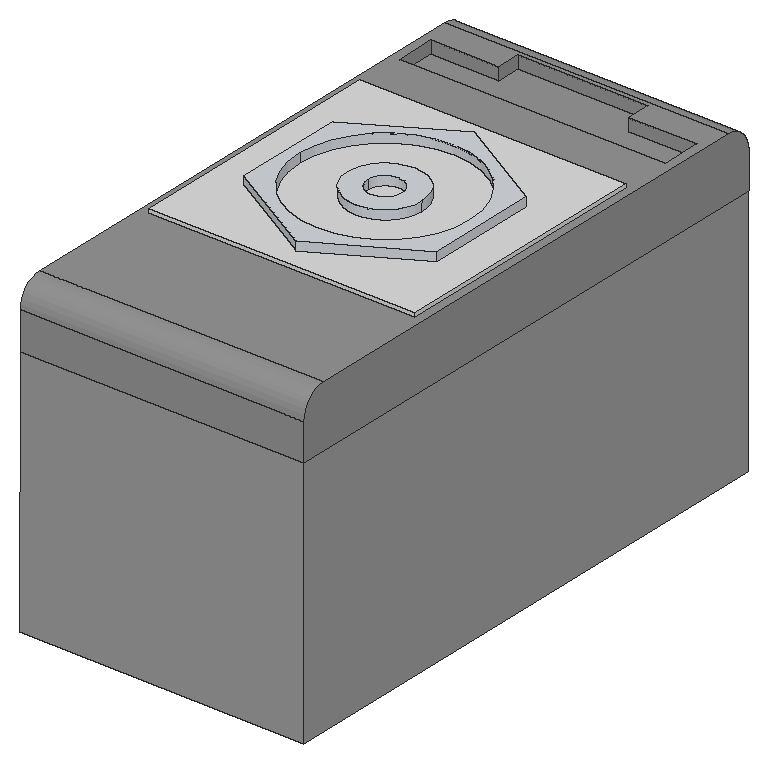
Revit family "Domotics-DomesticRanges-GEWISS-CHORUS_DATA-CONNECTOR_PHONIC", category Apparecchi elettrici, host Superficie, Revit 2016
Family settings
  Host = Superficie
  Mantenere orientamento annotazione = Sì
  Tipo di parte = Normale
  Quota connettore circolare = Usa diametro
  Taglio con vuoti quando caricato = No
  Condiviso = Sì
  Punto di calcolo locali = Sì
Parameters (values of type "GW14454 - CONNECTOR, PHONIC CIRCUITS 1M TITANIUM")
  struttura = Default
  Version file RFA = "19.0"
  URL = "https://www.gewiss.com/ww/en"
  Technical sheet = "https://www.gewiss.com/ww/en/search?q=GW14454"
  Standard; = "DIN 41529"
  Simbolo [instance] = yes
  Tipo_ = CONNETTORE CIRCUITI FONICI : titanio
  SEO = "Socket outlet"
  Realized by GEWISS S.p.A. = ""
  No. Chorus modules: = "1"
  IDT = "1977e26f-af39-45f8-969d-aeddd281689b"
  IDF = "0c0c5c58-57c8-43a8-9b5b-dbd5238ef18e"
  Electrocod = "3720                "
  EAN code = "8011564265196"
  Distanza_x [instance] = 37500 mm
  fronte [instance] = titanio
  Distanza_effettiva_x [instance] = 40000 mm - Distanza_x  # 2500 mm
  Default Elevation = 1219.2 mm
  Produttore = "GEWISS S.p.A."
  Offset_connettore [instance] = 0 mm
  Offset_bidimensionale [instance] = 2 mm
  Modello = "GW14454"
  Immagine tipo = GW14454.jpg
  IFC.TypeObject = ""
  IFC.ExportType = ""
  IFC.ExportAs = ""
  Descrizione = "CONNECTOR, PHONIC CIRCUITS 1M TITANIUM"
  Description: = "Phonic circuits"
  Description. = "Connector"
  Colour = "Titanium"
  Category = "Connector"
  Catalogue Range = "CHORUS - SERIE CIVILE"
  Catalogue = "DOMOTICS"
  COBie.Tagnumber = ""
  COBie.CreatedOn = ""
  COBie.CreatebBy = ""
  COBie.ComponentRegisterItemID = ""
  COBie.Component.TagNumber = ""
  COBie.Component.Space = ""
  COBie.Component.SerialNumber = ""
  COBie.Component.InstallationDate = ""
  COBie.Component.Description = ""
  COBie.Component.BarCode = ""
Types (3, lengths in mm): name | Technical sheet | Tipo_ | IDT | EAN code | fronte | Modello | Immagine tipo | Descrizione | Colour
  GW10454 - CONNECTOR PHONIC CIRCUITS 1M WHITE | "https://www.gewiss.com/ww/en/search?q=GW10454" | CONNETTORE CIRCUITI FONICI : bianco | "222f9e1d-5292-46f7-8576-2c0d15a5973c" | "8011564259515" | bianco | "GW10454" | GW10454.jpg | "CONNECTOR PHONIC CIRCUITS 1M WHITE" | "White"
  GW12454 - CONNECTOR PHONIC CIRCUITS 1M CHORUS B | "https://www.gewiss.com/ww/en/search?q=GW12454" | CONNETTORE CIRCUITI FONICI : nero | "3cf0d8d6-a419-4cd6-899d-df837fb78b88" | "8011564269187" | Nero | "GW12454" | GW12454.jpg | "CONNECTOR PHONIC CIRCUITS 1M CHORUS B" | "Black"
  GW14454 - CONNECTOR, PHONIC CIRCUITS 1M TITANIUM | "https://www.gewiss.com/ww/en/search?q=GW14454" | CONNETTORE CIRCUITI FONICI : titanio | "1977e26f-af39-45f8-969d-aeddd281689b" | "8011564265196" | titanio | "GW14454" | GW14454.jpg | "CONNECTOR, PHONIC CIRCUITS 1M TITANIUM" | "Titanium"
Reference planes
  plane 1 "Centro (Fronte/Retro)": y = 0
  plane 2: z = 0
  plane 3 "Centro (Sinistra/Destra)": x = 0
  plane 4: z = 0
  plane 5: z = 25.371
  plane 6: x = -2500
  plane 7: x = 0
  plane 8: z = 27.371
  plane 9: through (-10.986, -4572, 3.503) normal (-0.9563, 0, -0.2924)
  plane 10: through (-28.131, -4572, 31.363) normal (-0.8988, 0, 0.4384)
  plane 11: through (21.745, -4572, 49.676) normal (0.9563, 0, 0.2924)
  plane 12: x = -11.5
  plane 13: x = 11.5
  plane 14: y = -22.5
Lines and regions (mm)
  Masking region 1, detail levels coarse
    outline origin (0, 0, 0) x (1, 0, 0) y (0, 0, 1)
      loop
        line (-11.5, 25.371) -> (-11.5, 0) -> (11.5, 0) -> (11.5, 25.371) -> (-11.5, 25.371)
  Masking region 2, detail levels coarse
    outline origin (0, 0, 0) x (0, 1, 0) y (0, 0, 1)
      loop
        line (9.239, 0) -> (9.239, 25.371) -> (-12.337, 25.371) -> (-12.337, 0) -> (9.239, 0)
Text (mm)
  text "A=b+c" at (5.896, 0, 74.565), in view "Anteriore"
Dimensions and locks
  plane 5 to plane 4 = 25.371 mm
  "Offset_connettore": plane 4 to plane 2
  plane 6 to plane 3 "Centro (Sinistra/Destra)" = 2500 mm
  "Distanza_effettiva_x": plane 6 to plane 7
  "Offset_bidimensionale": plane 8 to plane 5
  angle plane 10 to plane 9 = 43.00°
  angle host face to plane 10 = 64.00°
  angle plane 10 to plane 11 = 43.00°
  angle plane 7 to plane 11 = 17.00°
  aligned and locked: plane 2 to host face
  aligned and locked: level to host face
  aligned and locked: plane 1 "Centro (Fronte/Retro)" to nested 1
  aligned and locked: plane 3 "Centro (Sinistra/Destra)" to nested 1
  aligned and locked: plane 7 to nested 2
  aligned and locked: Masking region 1 sketch curve to plane 4
  aligned and locked: Masking region 1 sketch curve to plane 5
  aligned and locked: Masking region 2 sketch curve to nested 1
  aligned and locked: Masking region 2 sketch curve to plane 4
  aligned and locked: Masking region 2 sketch curve to plane 5
  aligned and locked: nested 1 to plane 4
  aligned and locked: plane 12 to import instance
  aligned and locked: plane 14 to nested 1
  aligned and locked: import instance to plane 14
  aligned and locked: import instance to plane 8
Automatic sketch dimensions
  host sketch curve to host sketch curve = 2438.4 mm  (x2)
  Masking region 2 sketch curve to Masking region 2 sketch curve = 21.576 mm
  Masking region 1 sketch curve to plane 3 "Centro (Sinistra/Destra)" = 11.5 mm
  plane 3 "Centro (Sinistra/Destra)" to Masking region 1 sketch curve = 11.5 mm
Nested families
  nested 1: "CONNETTORE CIRCUITI FONICI" at (0, 0, 0), type <- "Tipo_", type "titanio", detail levels medium+fine
  nested 2: "SIMBOLO PRESA USB" at (0, 1.544, 0), SIMBOLO <- "Simbolo", type "USB"
    with SIMBOLO yes, Distanza dal muro 4.208 mm, BORDO ACCESO yes
Definition of nested family "CONNETTORE CIRCUITI FONICI"
  Parameters (values of type "nero")
    struttura = none
    sp = 20.371 mm
    l = 23 mm
    h = 45 mm  # constant formula
    fronte = none
  Types (3): name
    titanio
    bianco
    nero
  Reference planes
    plane 1 "Centro (Fronte/Retro)": y = 0
    plane 2: z = 0
    plane 3 "Centro (Sinistra/Destra)": x = 0
    plane 4: z = 25.371
    plane 5: z = 20.371
    plane 6: y = -22.5
    plane 7: y = 22.5
    plane 8: x = -11.5
    plane 9: x = 11.5
    plane 10: x = -9.31
    plane 11: x = 9.31
    plane 12: z = 24.371
    plane 13: y = 9.32
    plane 14: through (-25.708, -16.185, 1200) normal (-0.3584, 0.9336, 0)
    plane 15: through (-50.401, -1524, -15.365) normal (-0.454, 0, 0.891)
    plane 16: through (0, -1524, 10.316) normal (-0.2588, 0, -0.9659)
    plane 17: y = 7.725
    plane 18: y = -10.372
    plane 19: z = 25.671
    plane 20: z = 26.371
  Forms (mm)
    Extrusion 1, solid, material <- "fronte"
      sketch origin (0, 0, 0) x (0, 1, 0) y (0, 0, 1)
        loop
          arc (-20.5, 25.371) -> (-21.914, 24.785) -> (-22.5, 23.371) r 2
          line (-22.5, 23.371) -> (-22.5, 20.371) -> (22.5, 20.371) -> (22.5, 23.371)
          arc (22.5, 23.371) -> (21.914, 24.785) -> (20.5, 25.371) r 2
          line (20.5, 25.371) -> (-20.5, 25.371)
      from -11.5 to 11.5
    Extrusion 2, solid, material <- "struttura"
      sketch origin (0, 0, 0) x (0, 1, 0) y (0, 0, 1)
        loop
          line (-22.5, 20.371) -> (-22.5, 0) -> (22.5, 0) -> (22.5, 20.371) -> (-22.5, 20.371)
      from -11.5 to 11.5
    Extrusion 3, void
      sketch origin (0, -0.625, 0) x (1, 0, 0) y (0, 1, 0)
        loop
          line (-5.27, 20.769) -> (-5.27, 18.83) -> (-10.76, 18.83) -> (-10.76, 15.646) -> (10.76, 15.646) -> (10.76, 18.83) -> (5.27, 18.83) -> (5.27, 20.769) -> (-5.27, 20.769)
      from 24.371 to 25.371
    Extrusion 4, solid
      sketch origin (0, 0, 0) x (1, 0, 0) y (0, 1, 0)
        loop
          line (-10.76, -10.372) -> (10.76, -10.372) -> (10.76, 10.995) -> (-10.76, 10.995) -> (-10.76, -10.372)
      from 25.371 to 25.671
    Extrusion 5, solid
      sketch origin (0, 0, 0) x (1, 0, 0) y (0, 1, 0)
        loop
          line (7.658, 4.737) -> (-0.138, 9.239) -> (-7.935, 4.737) -> (-7.935, -4.266) -> (-0.138, -8.767) -> (7.658, -4.266) -> (7.658, 4.737)
        loop
          circle (-0.138, 0.236) r 6.918
        loop
          circle (-0.138, 0.236) r 3.021
        loop
          circle (-0.138, 0.236) r 1.406
      from 24.371 to 26.371
  Cuts and joins
    Extrusion 3 cuts Extrusion 1
    Extrusion 3 cuts Extrusion 2
  Dimensions and locks
    locked: plane 4 to plane 5 at 5
    equal spacing: plane 6, plane 1 "Centro (Fronte/Retro)", plane 7
    "h": plane 6 to plane 7
    "sp": plane 5 to plane 2
    equal spacing: plane 8, plane 3 "Centro (Sinistra/Destra)", plane 9
    "l": plane 8 to plane 9
    locked: plane 8 to plane 10 at 2.19
    locked: plane 11 to plane 9 at 2.19
    locked: plane 4 to plane 12 at 1
    plane 17 to plane 13 = 1.596 mm
    locked: plane 19 to plane 4 at 0.3
    locked: plane 20 to plane 4 at 1
    radius of Extrusion 1 sketch curve = 2 mm  (x2)
    angle plane 13 to plane 14 = 21.00°
    angle plane 7 to plane 14 = 21.00°
    angle plane 6 to plane 14 = 21.00°
    angle plane 16 to plane 15 = 42.00°
    angle plane 5 to plane 16 = 165.00°
    angle plane 15 to plane 5 = 153.00°
    aligned and locked: level to plane 2
    aligned and locked: Extrusion 1 sketch curve to plane 4
    aligned and locked: Extrusion 1 sketch curve to plane 5
    aligned and locked: Extrusion 2 sketch curve to plane 5
    aligned and locked: Extrusion 2 sketch curve to plane 6
    aligned and locked: Extrusion 2 sketch curve to plane 7
    aligned and locked: Extrusion 2 sketch curve to level
    aligned and locked: Extrusion 2 to plane 8
    aligned and locked: Extrusion 2 to plane 9
    aligned and locked: Extrusion 1 to plane 8
    aligned and locked: Extrusion 1 to plane 9
    aligned and locked: plane 4 to Extrusion 3
    aligned and locked: plane 12 to Extrusion 3
    aligned and locked: Extrusion 4 to plane 4
    aligned and locked: plane 19 to Extrusion 4
    aligned and locked: plane 12 to Extrusion 5
    aligned and locked: plane 20 to Extrusion 5
  Automatic sketch dimensions
    Extrusion 1 sketch curve to plane 6 = 0 mm
    Extrusion 1 sketch curve to plane 7 = 0 mm
    plane 8 to Extrusion 3 sketch curve = 0.74 mm
    Extrusion 3 sketch curve to plane 10 = 4.04 mm
    plane 7 to Extrusion 3 sketch curve = 2.356 mm
    plane 11 to Extrusion 3 sketch curve = 4.04 mm
    plane 9 to Extrusion 3 sketch curve = 0.74 mm
    plane 7 to Extrusion 3 sketch curve = 4.295 mm
    Extrusion 3 sketch curve to Extrusion 3 sketch curve = 1.94 mm
    Extrusion 3 sketch curve to Extrusion 3 sketch curve = 3.184 mm
    plane 10 to Extrusion 4 sketch curve = 1.45 mm
    Extrusion 4 sketch curve to plane 11 = 1.45 mm
    plane 18 to Extrusion 4 sketch curve = 0 mm
    Extrusion 4 sketch curve to plane 17 = 3.271 mm
    Extrusion 5 sketch curve to plane 13 = 0.082 mm
    plane 17 to Extrusion 5 sketch curve = 2.988 mm  (x2)
    Extrusion 5 sketch curve to plane 3 "Centro (Sinistra/Destra)" = 0.138 mm  (x3)
    Extrusion 5 sketch curve to plane 10 = 1.375 mm
    plane 1 "Centro (Fronte/Retro)" to Extrusion 5 sketch curve = 4.266 mm  (x2)
    Extrusion 5 sketch curve to plane 18 = 1.604 mm
    plane 11 to Extrusion 5 sketch curve = 1.652 mm
    Extrusion 5 sketch curve to Extrusion 5 sketch curve = 0 mm  (x4)
    Extrusion 5 sketch curve to plane 1 "Centro (Fronte/Retro)" = 0.236 mm
    radius of Extrusion 5 sketch curve = 6.918 mm
    radius of Extrusion 5 sketch curve = 1.406 mm
    radius of Extrusion 5 sketch curve = 3.021 mm
Definition of nested family "SIMBOLO PRESA USB"
  Parameters (values of type "USB")
    SIMBOLO [instance] = yes
    Distanza dal muro [instance] = 4.208 mm
    BORDO ACCESO [instance] = yes
  Reference planes
    plane 1: y = 0
    plane 2: x = 0
  Dimensions and locks
    aligned and locked: plane 2 to nested 1
    aligned and locked: plane 1 to nested 1
  Nested families
    nested 1: "SIMBOLO PRESA USB_BASE" at (0, 0, 0), BORDO ACCESO <- "BORDO ACCESO", visible <- "SIMBOLO", type "USB"
      with BORDO ACCESO yes
  Definition of nested family "SIMBOLO PRESA USB_BASE"
    Parameters (values of type "USB")
      Distanza dal muro = 4.208 mm
      BORDO ACCESO [instance] = yes
    Reference planes
      plane 1: y = 0
      plane 2: x = 0
    Lines and regions (mm)
      detail lines, visible <- "BORDO ACCESO", not visible
        curve 1: line (-1.743, 9.208, 0) -> (2.057, 9.208, 0)
        curve 2: line (2.057, 9.208, 0) -> (2.057, 4.208, 0)
        curve 3: line (2.057, 4.208, 0) -> (-1.743, 4.208, 0)
        curve 4: line (-1.743, 4.208, 0) -> (-1.743, 9.208, 0)
        curve 5: line (-1.543, 9.008, 0) -> (1.857, 9.008, 0)
        curve 6: line (1.857, 9.008, 0) -> (1.857, 4.408, 0)
        curve 7: line (1.857, 4.408, 0) -> (-1.543, 4.408, 0)
        curve 8: line (-1.543, 4.408, 0) -> (-1.543, 9.008, 0)
